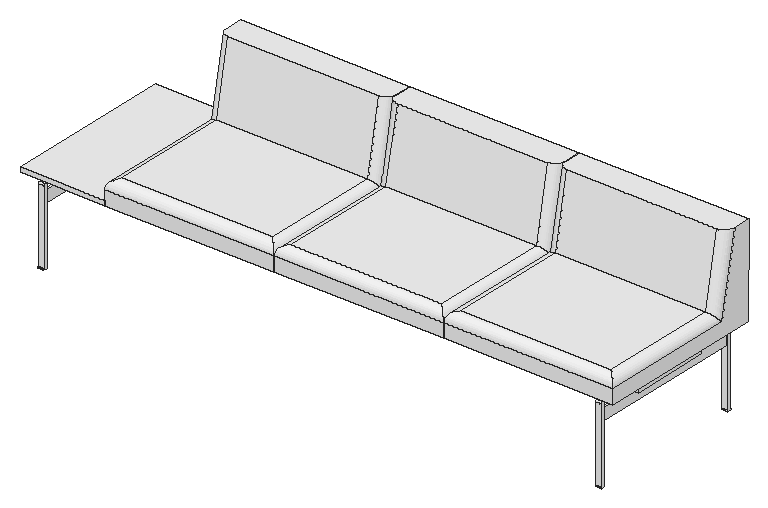
Revit family "FU_LAPSE 0035", category Furniture, Revit 2017
Family settings
  OmniClass Number = 23.40.20.00
  OmniClass Title = General Furniture and Specialties
  Work Plane-Based = No
  Always vertical = Yes
  Cut with Voids When Loaded = No
  Shared = No
  Room Calculation Point = No
Reference planes
  plane 1 "Center (Front/Back)": y = 0
  plane 2: z = 0
  plane 3 "Center (Left/Right)": x = 0
Dimensions and locks
  aligned and locked: level to plane 2
Nested families
  nested 1: "FU_LAPSE 0020 FRAME" at (-180, 0, 0), type "FU_LAPSE 0020 FRAME"
    with Frame Width 2370 mm
  nested 2: "FU_LAPSE 0200TA-Upholstered Seat" at (-720, 0, 350), type "FU_LAPSE 0200TA-Upholstered Seat"
  nested 3: "FU_LAPSE 0200TA-Upholstered Seat" at (0, 0, 350), type "FU_LAPSE 0200TA-Upholstered Seat"
  nested 4: "FU_LAPSE 0200TA-Upholstered Seat" at (720, 0, 350), type "FU_LAPSE 0200TA-Upholstered Seat"
  nested 5: "FU_LAPSE 0440MA-Table" at (-1260, 0, 350), type "FU_LAPSE 0440MA-Table"
Definition of nested family "FU_LAPSE 0020 FRAME"
  Parameters (values of type "FU_LAPSE 0020 FRAME")
    Material = none
    Frame Width = 1290 mm
  Reference planes
    plane 1 "Center (Front/Back)": y = 0
    plane 2: z = 0
    plane 3 "Center (Left/Right)": x = 0
    plane 4: x = -645
    plane 5: x = 645
    plane 6: z = 350
    plane 7: y = -340
    plane 8: y = -330
    plane 9: z = 2.5
    plane 10: y = 165
    plane 11: y = -165
    plane 12: x = -675
    plane 13: x = 675
    plane 14: y = 155
    plane 15: x = -665
    plane 16: y = -155
    plane 17: x = 665
  Forms (mm)
    Extrusion 1, solid, material <- "Material"
      sketch origin (0, 0, 0) x (1, 0, 0) y (0, 1, 0)
        loop
          line (675, 165) -> (-675, 165) -> (-675, -165) -> (675, -165) -> (675, 165)
        loop
          line (-665, 155) -> (-665, -155) -> (665, -155) -> (665, 155) -> (-665, 155)
      from 295 to 350
  Dimensions and locks
    plane 3 "Center (Left/Right)" to plane 4 = 645 mm
    equal spacing: plane 4, plane 3 "Center (Left/Right)", plane 5
    "Frame Width": plane 4 to plane 5
    plane 12 to plane 15 to plane 4 = 10 mm locked, 20 mm locked
    plane 5 to plane 17 to plane 13 = 20 mm locked, 10 mm locked
    aligned and locked: level to plane 2
    aligned and locked: plane 4 to nested 1
    aligned and locked: plane 1 "Center (Front/Back)" to nested 1
    aligned and locked: nested 2 to plane 5
    aligned and locked: plane 1 "Center (Front/Back)" to nested 2
  Automatic sketch dimensions
    plane 10 to Extrusion 1 sketch curve = 0 mm
    Extrusion 1 sketch curve to plane 12 = 0 mm
    Extrusion 1 sketch curve to plane 15 = 0 mm
    plane 14 to Extrusion 1 sketch curve = 0 mm
    Extrusion 1 sketch curve to plane 17 = 0 mm
    Extrusion 1 sketch curve to plane 13 = 0 mm
    plane 11 to Extrusion 1 sketch curve = 0 mm
    plane 16 to Extrusion 1 sketch curve = 0 mm
  Nested families
    nested 1: "FU_LAPSE_FRAME 1" at (-645, 0, 0), type "FU_LAPSE_FRAME 1"
    nested 2: "FU_LAPSE_FRAME 1" at (645, 0, 0), type "FU_LAPSE_FRAME 1"
  Definition of nested family "FU_LAPSE_FRAME 1"
    Parameters (values of type "FU_LAPSE_FRAME 1")
      Material = none
    Reference planes
      plane 1 "Center (Front/Back)": y = 0
      plane 2: z = 0
      plane 3 "Center (Left/Right)": x = 0
    Forms (mm)
      Extrusion 1, solid, material <- "Material"
        sketch origin (0, 0, 0) x (0, 1, 0) y (0, 0, 1)
          loop
            arc (-330, 320) -> (-335, 325) -> (-340, 320) r 5
            line (-340, 320) -> (-340, 5)
            arc (-340, 5) -> (-340.732, 3.232) -> (-342.5, 2.5) r 2.5
            line (-342.5, 2.5) -> (-342.5, 0) -> (-327.5, 0) -> (-327.5, 2.5)
            arc (-327.5, 2.5) -> (-329.268, 3.232) -> (-330, 5) r 2.5
            line (-330, 5) -> (-330, 320)
        from 12.5 to -12.5
      Extrusion 2, solid, material <- "Material"
        sketch origin (0, 0, 0) x (0, -1, 0) y (0, 0, -1)
          loop
            line (-330, -320) -> (-330, -5)
            arc (-330, -5) -> (-329.268, -3.232) -> (-327.5, -2.5) r 2.5
            line (-327.5, -2.5) -> (-327.5, 0) -> (-342.5, 0) -> (-342.5, -2.5)
            arc (-342.5, -2.5) -> (-340.732, -3.232) -> (-340, -5) r 2.5
            line (-340, -5) -> (-340, -320)
            arc (-340, -320) -> (-335, -325) -> (-330, -320) r 5
        from 12.5 to -12.5
      Extrusion 3, solid, material <- "Material"
        sketch origin (0, 0, 0) x (0, 1, 0) y (0, 0, 1)
          loop
            line (330, 295) -> (-330, 295) -> (-330, 245) -> (330, 245) -> (330, 295)
        from 5 to -5
    Dimensions and locks
      aligned and locked: level to plane 2
      aligned and locked: Extrusion 3 sketch curve to Extrusion 2
Definition of nested family "FU_LAPSE 0200TA-Upholstered Seat"
  Parameters (values of type "FU_LAPSE 0200TA-Upholstered Seat")
    Material = none
  Reference planes
    plane 1 "Center (Front/Back)": y = 0
    plane 2: z = 0
    plane 3 "Center (Left/Right)": x = 0
    plane 4: x = -360
    plane 5: x = 360
    plane 6: y = -360
    plane 7: y = 360
    plane 8: z = 390
    plane 9: y = 245
    plane 10: z = 100
    plane 11: y = 185
  Forms (mm)
    Extrusion 1, solid, material <- "Material"
      sketch origin (0, 0, 0) x (0, 1, 0) y (0, 0, 1)
        loop
          line (360, 390) -> (245, 390) -> (185, 100) -> (-360, 100) -> (-360, 0) -> (360, 0) -> (360, 390)
      from -360 to 360
    Sweep 2, void
      path origin (-360, 0, 0) x (0, 1, 0) y (0, 0, 1)
        loop
          line (253.886, 432.949) -> (185, 100) -> (-360, 100)
      profile origin (-360, 219.443, 266.474) x (0, 0.97926, -0.202606) y (1, 0, 0)
        loop
          line (0, 0) -> (40, 0)
          arc (40, 0) -> (11.716, 11.716) -> (0, 40) r 40
          line (0, 40) -> (0, 0)
    Sweep 3, void
      path origin (360, 0, 0) x (0, 1, 0) y (0, 0, -1)
        loop
          line (253.886, -432.949) -> (185, -100) -> (-360, -100)
      profile origin (360, 219.443, 266.474) x (0, -0.97926, 0.202606) y (-1, 0, 0)
        loop
          line (0, 0) -> (0, 40)
          arc (0, 40) -> (-11.716, 11.716) -> (-40, 0) r 40
          line (-40, 0) -> (0, 0)
    Sweep 4, void
      path origin (0, -360, 0) x (0, 0, 1) y (-1, 0, 0)
        loop
          line (100, -385) -> (100, 460)
      profile origin (-37.5, -360, 100) x (0, 0, -1) y (0, -1, 0)
        loop
          line (0, 0) -> (0, -40)
          arc (0, -40) -> (11.716, -11.716) -> (40, 0) r 40
          line (40, 0) -> (0, 0)
  Cuts and joins
    Sweep 2, Sweep 3, Sweep 4 cuts Extrusion 1
  Dimensions and locks
    equal spacing: plane 4, plane 3 "Center (Left/Right)", plane 5
    equal spacing: plane 7, plane 1 "Center (Front/Back)", plane 6
    plane 7 to plane 6 = 720 mm
    plane 4 to plane 5 = 720 mm
    plane 8 to level = 390 mm
    aligned and locked: level to plane 2
    aligned and locked: plane 10 to Extrusion 1 sketch curve
  Automatic sketch dimensions
    Extrusion 1 sketch curve to plane 6 = 0 mm
    Extrusion 1 sketch curve to plane 11 = 0 mm
    Extrusion 1 sketch curve to plane 8 = 0 mm
    Extrusion 1 sketch curve to plane 9 = 0 mm
    Extrusion 1 sketch curve to plane 7 = 0 mm
    Extrusion 1 sketch curve to level = 0 mm
    Sweep 2 sketch curve to Extrusion 1 = 0 mm  (x2)
    Extrusion 1 to Sweep 2 sketch curve = 0 mm  (x2)
    Sweep 2 sketch curve to Extrusion 1 = 42.949 mm
    Sweep 2 sketch curve to profile plane = 0 mm  (x2)
    Sweep 2 sketch curve to profile plane = 40 mm
    Sweep 3 sketch curve to plane 6 = 0 mm
    Sweep 3 sketch curve to plane 10 = 0 mm
    Sweep 3 sketch curve to plane 11 = 0 mm
    plane 9 to Sweep 3 sketch curve = 8.886 mm
    plane 8 to Sweep 3 sketch curve = 42.949 mm
    Sweep 3 sketch curve to profile plane = 0 mm
    profile plane to Sweep 3 sketch curve = 0 mm
    profile plane to Sweep 3 sketch curve = 40 mm
    Sweep 4 sketch curve to profile plane = 0 mm  (x2)
    Sweep 4 sketch curve to profile plane = 40 mm
    Sweep 4 sketch curve to Extrusion 1 = 0 mm
    Sweep 4 sketch curve to Extrusion 1 = 25 mm
    Sweep 4 sketch curve to Extrusion 1 = 100 mm
Definition of nested family "FU_LAPSE 0440MA-Table"
  Parameters (values of type "FU_LAPSE 0440MA-Table")
    Material = none
  Reference planes
    plane 1 "Center (Front/Back)": y = 0
    plane 2: z = 0
    plane 3 "Center (Left/Right)": x = 0
    plane 4: x = -180
    plane 5: x = 180
    plane 6: y = -360
    plane 7: y = 360
    plane 8: z = 19
  Forms (mm)
    Extrusion 1, solid, material <- "Material"
      sketch origin (0, 0, 0) x (1, 0, 0) y (0, 1, 0)
        loop
          line (-180, 360) -> (-180, -360) -> (180, -360) -> (180, 360) -> (-180, 360)
      from 0 to 19
  Dimensions and locks
    equal spacing: plane 4, plane 3 "Center (Left/Right)", plane 5
    equal spacing: plane 7, plane 1 "Center (Front/Back)", plane 6
    plane 7 to plane 6 = 720 mm
    plane 4 to plane 5 = 360 mm
    plane 8 to level = 19 mm
    aligned and locked: level to plane 2
    aligned and locked: plane 7 to Extrusion 1 sketch curve
    aligned and locked: plane 4 to Extrusion 1 sketch curve
    aligned and locked: plane 6 to Extrusion 1 sketch curve
    aligned and locked: plane 5 to Extrusion 1 sketch curve
